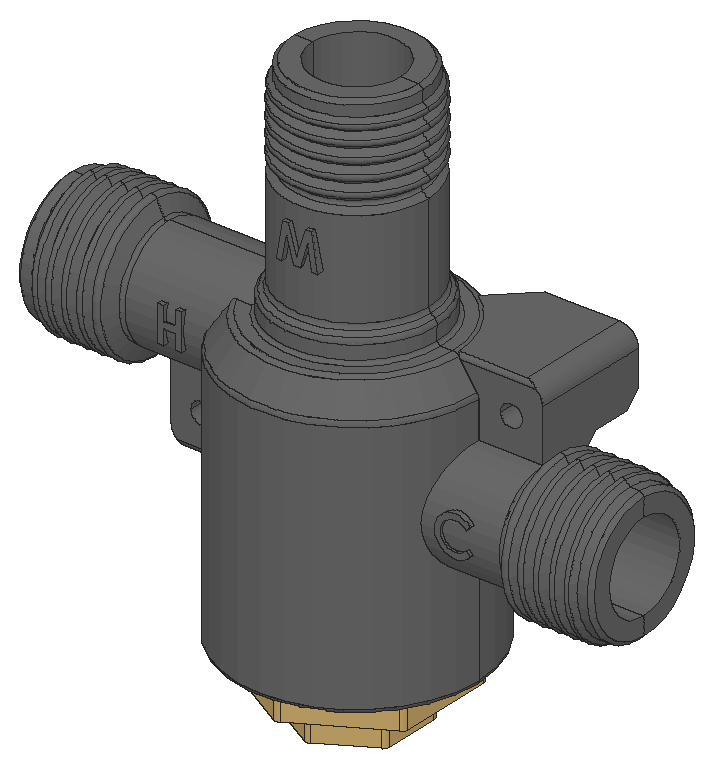
Revit family "Thermostatic_Mixing_Valve-Lead_Free-MGI_Controls-Alpha-STP7069-12S_Series", category Pipe Accessories, Revit 2019
Family settings
  Round Connector Dimension = Use Diameter
  Part Type = Valve - Breaks Into
  OmniClass Number = 23.65.55.14
  OmniClass Title = Valves for Liquid Services
  Work Plane-Based = Yes
  Always vertical = No
  Cut with Voids When Loaded = No
  Shared = Yes
Parameters (values of type "STP7069-12S- 5.2LPM")
  Width = 3 1/4"
  Warranty Information = ""
  URL = "https://www.mgicontrols.com"
  Tempered Water Connection Diameter = 1/2"
  Tempered Water Connection Description = "1/2” NPS Tempered Water Inlet"
  Tempered Water Connection = yes
  Temperature Range = "85°F-115°F (29°C-46°C)"
  Product Page URL = "https://www.mgicontrols.com/alpha-tempering-valve"
  Product Documentation Link = "https://www.mgicontrols.com/uploads/fileLibrary/STP7069.pdf"
  Price = "Prices may vary. Please consult Manufacturer Representative for most up-to-date price list."  # constant formula
  Pressure Drop PSID (kPa) = "60"
  Model = "STP7069-12S- 5.2LPM"
  Max. Working Pressure = "145 psi (1,000 kPa)"
  Material = "Plastic-Delta-Black"
  Manufacturer = "MGI Controls"
  Thermostatic Mixing Valve = yes
  Installation Instruction Link = "https://www.mgicontrols.com/uploads/fileLibrary/7802-125-001_online-%20STP7069.pdf"
  IAPMO Compliance = "IAPMO certified to ASSE 1070, ASSE 1069"
  Hot Water Connection Diameter = 1/2"
  Hot Water Connection Description = "1/2” HW NPS Inlet"
  Height = 3 3/8"
  HW Connection = yes
  Flow Rate = "5.2 LPM"
  Finish- Others = Brass-Delta-Satin
  Finish = Plastic-Delta-Black
  Dual-Function Thermostatic Cartridge Valve Type = yes
  Description = "Lead-Free Tempering Valve"  # constant formula
  Default Elevation = 0"
  Creation Date = "09/23/2024"
  Cold Water Connection Diameter = 1/2"
  Cold Water Connection Description = "1/2” CW NPS Inlet"
  CW Connection = yes
  Assembly Code = "D2090900"
Types (8): name | Pressure Drop PSID (kPa) | Model | Flow Rate
  STP7069-12S- 0.7LPM | "Cv" | "STP7069-12S- 0.7LPM" | "7 LPM"
  STP7069-12S- 1.5LPM | "5" | "STP7069-12S- 1.5LPM" | "1.5 LPM"
  STP7069-12S- 2.1LPM | "10" | "STP7069-12S- 2.1LPM" | "2.1 LPM"
  STP7069-12S- 2.6LPM | "15" | "STP7069-12S- 2.6LPM" | "2.6 LPM"
  STP7069-12S- 3LPM | "20" | "STP7069-12S- 3LPM" | "3 LPM"
  STP7069-12S- 3.7LPM | "30" | "STP7069-12S- 3.7LPM" | "3.7 LPM"
  STP7069-12S- 4.5LPM | "45" | "STP7069-12S- 4.5LPM" | "4.5 LPM"
  STP7069-12S- 5.2LPM | "60" | "STP7069-12S- 5.2LPM" | "5.2 LPM"
Reference planes (in)
  plane 1 "Center (Front/Back)": y = 0
  plane 2: z = 0
  plane 3 "Center (Left/Right)": x = 0
  plane 4: z = 1.5
  plane 5: z = -1.875
  plane 6: x = -1.625
  plane 7: x = 1.625
  plane 8: x = -0.25
  plane 9: x = 0.25
  plane 10: z = 0.25
  plane 11: z = -0.25
  plane 12: z = -0.5
  plane 13: z = -1.60446
  plane 14: z = -1.80584
  plane 15: x = 0.29174
  plane 16: x = -0.29174
  plane 17: y = -0.32376
  plane 18: y = -0.22368
  plane 19: x = 0.875
  plane 20: x = -0.875
  plane 21: x = 0.6875
  plane 22: x = -0.6875
Forms (in)
  Revolve 1, solid, material "Plastic-Delta-Black" <- "Finish"
    sketch origin (0, 0, 0) x (1, 0, 0) y (0, 0, 1)
      loop
        line (-0.25, 0.93154) -> (-0.25, 1.5) -> (-0.35134, 1.5) -> (-0.37402, 1.47733) -> (-0.37402, 1.41762) -> (-0.39956, 1.39207)
        arc (-0.39956, 1.39207) -> (-0.40472, 1.3779) -> (-0.39718, 1.36483) r 0.01785
        line (-0.39718, 1.36483) -> (-0.36503, 1.34232) -> (-0.40249, 1.3132)
        arc (-0.40249, 1.3132) -> (-0.40972, 1.29843) -> (-0.40249, 1.28365) r 0.01872
        line (-0.40249, 1.28365) -> (-0.36503, 1.25453) -> (-0.40249, 1.22541)
        arc (-0.40249, 1.22541) -> (-0.40972, 1.21063) -> (-0.40249, 1.19586) r 0.01872
        line (-0.40249, 1.19586) -> (-0.36503, 1.16674) -> (-0.40249, 1.13762)
        arc (-0.40249, 1.13762) -> (-0.40972, 1.12284) -> (-0.40249, 1.10806) r 0.01872
        line (-0.40249, 1.10806) -> (-0.36503, 1.07895) -> (-0.40249, 1.04983)
        arc (-0.40249, 1.04983) -> (-0.40972, 1.03505) -> (-0.40249, 1.02027) r 0.01872
        line (-0.40249, 1.02027) -> (-0.3678, 0.99331)
        arc (-0.3678, 0.99331) -> (-0.36039, 0.97817) -> (-0.3678, 0.96303) r 0.01917
        line (-0.3678, 0.96303) -> (-0.40495, 0.93415) -> (-0.40495, 0.38994)
        arc (-0.40495, 0.38994) -> (-0.40815, 0.37386) -> (-0.41726, 0.36022) r 0.04203
        line (-0.41726, 0.36022) -> (-0.44053, 0.33695)
        arc (-0.44053, 0.33695) -> (-0.44993, 0.3229) -> (-0.45322, 0.30632) r 0.04332
        line (-0.45322, 0.30632) -> (-0.45322, 0.23161)
        arc (-0.45322, 0.23161) -> (-0.45915, 0.21729) -> (-0.47346, 0.21136) r 0.02024
        line (-0.47346, 0.21136) -> (-0.54498, 0.21136)
        arc (-0.54498, 0.21136) -> (-0.56169, 0.20728) -> (-0.57463, 0.19593) r 0.03619
        line (-0.57463, 0.19593) -> (-0.67778, 0.04861)
        arc (-0.67778, 0.04861) -> (-0.68501, 0.03395) -> (-0.6875, 0.01779) r 0.05373
        line (-0.6875, 0.01779) -> (-0.6875, -1.40962)
        arc (-0.6875, -1.40962) -> (-0.68121, -1.42481) -> (-0.66602, -1.4311) r 0.02148
        line (-0.66602, -1.4311) -> (0, -1.4311) -> (0, 0.93154) -> (-0.25, 0.93154)
      loop
        line (-0.08821, -1.875) -> (0, -1.875) -> (0, -1.69254) -> (-0.07922, -1.69254) -> (-0.07922, -1.79971) -> (-0.11137, -1.82222)
        arc (-0.11137, -1.82222) -> (-0.11892, -1.83528) -> (-0.11376, -1.84945) r 0.01785
        line (-0.11376, -1.84945) -> (-0.08821, -1.875)
      axis (0, 1.5) -> (0, -1.875)
    angle from 0 to 360
  Revolve 2, solid, material "Plastic-Delta-Black" <- "Finish"
    sketch origin (0, 0, 0) x (0, 0, -1) y (1, 0, 0)
      loop
        line (0.25, -1.05654) -> (0.25, -1.625) -> (0.35134, -1.625) -> (0.37402, -1.60233) -> (0.37402, -1.54262) -> (0.39956, -1.51707)
        arc (0.39956, -1.51707) -> (0.40472, -1.5029) -> (0.39718, -1.48983) r 0.01785
        line (0.39718, -1.48983) -> (0.36503, -1.46732) -> (0.40249, -1.4382)
        arc (0.40249, -1.4382) -> (0.40972, -1.42343) -> (0.40249, -1.40865) r 0.01872
        line (0.40249, -1.40865) -> (0.36503, -1.37953) -> (0.40249, -1.35041)
        arc (0.40249, -1.35041) -> (0.40972, -1.33563) -> (0.40249, -1.32086) r 0.01872
        line (0.40249, -1.32086) -> (0.36503, -1.29174) -> (0.40249, -1.26262)
        arc (0.40249, -1.26262) -> (0.40972, -1.24784) -> (0.40249, -1.23306) r 0.01872
        line (0.40249, -1.23306) -> (0.36503, -1.20395) -> (0.39872, -1.17776)
        arc (0.39872, -1.17776) -> (0.40849, -1.15484) -> (0.39422, -1.13443) r 0.02567
        line (0.39422, -1.13443) -> (0.31328, -1.09495)
        arc (0.31328, -1.09495) -> (0.30042, -1.07711) -> (0.3131, -1.05915) r 0.01893
        line (0.3131, -1.05915) -> (0.3131, 0) -> (0, 0) -> (0, -1.05654) -> (0.25, -1.05654)
      axis (0, 0) -> (0, -1.625)
    angle from 0 to 360
  Revolve 3, solid, material "Plastic-Delta-Black" <- "Finish"
    sketch origin (0, 0, -0.5) x (0, 0, -1) y (1, 0, 0)
      loop
        line (0.25, 1.05654) -> (0, 1.05654) -> (0, 0) -> (0.3131, 0) -> (0.3131, 1.05915)
        arc (0.3131, 1.05915) -> (0.30042, 1.07711) -> (0.31328, 1.09495) r 0.01893
        line (0.31328, 1.09495) -> (0.39422, 1.13443)
        arc (0.39422, 1.13443) -> (0.40849, 1.15484) -> (0.39872, 1.17776) r 0.02567
        line (0.39872, 1.17776) -> (0.36503, 1.20395) -> (0.40249, 1.23306)
        arc (0.40249, 1.23306) -> (0.40972, 1.24784) -> (0.40249, 1.26262) r 0.01872
        line (0.40249, 1.26262) -> (0.36503, 1.29174) -> (0.40249, 1.32086)
        arc (0.40249, 1.32086) -> (0.40972, 1.33563) -> (0.40249, 1.35041) r 0.01872
        line (0.40249, 1.35041) -> (0.36503, 1.37953) -> (0.40249, 1.40865)
        arc (0.40249, 1.40865) -> (0.40972, 1.42343) -> (0.40249, 1.4382) r 0.01872
        line (0.40249, 1.4382) -> (0.36503, 1.46732) -> (0.39718, 1.48983)
        arc (0.39718, 1.48983) -> (0.40472, 1.5029) -> (0.39956, 1.51707) r 0.01785
        line (0.39956, 1.51707) -> (0.37402, 1.54262) -> (0.37402, 1.60233) -> (0.35134, 1.625) -> (0.25, 1.625) -> (0.25, 1.05654)
      axis (0, 0) -> (0, 1.625)
    angle from 0 to 360
  Extrusion 4, solid, material "Brass-Delta-Satin" <- "Finish- Others"
    sketch origin (0, 0, 0) x (1, 0, 0) y (0, 1, 0)
      loop
        line (0.48391, 0.29797) -> (0, 0.57735) -> (-0.48436, 0.2977)
        arc (-0.48436, 0.2977) -> (-0.49581, 0.28626) -> (-0.5, 0.27062) r 0.03127
        line (-0.5, 0.27062) -> (-0.5, -0.27003)
        arc (-0.5, -0.27003) -> (-0.49567, -0.28618) -> (-0.48386, -0.298) r 0.03229
        line (-0.48386, -0.298) -> (-0.02064, -0.56544)
        arc (-0.02064, -0.56544) -> (0, -0.57096) -> (0.02064, -0.56544) r 0.04128
        line (0.02064, -0.56544) -> (0.48124, -0.2995)
        arc (0.48124, -0.2995) -> (0.49497, -0.28577) -> (0.5, -0.26702) r 0.03751
        line (0.5, -0.26702) -> (0.5, 0.27009)
        arc (0.5, 0.27009) -> (0.49569, 0.28619) -> (0.48391, 0.29797) r 0.03218
    from -1.60446 to -1.4311
  Extrusion 5, solid, material "Brass-Delta-Satin" <- "Finish- Others"
    sketch origin (0, 0, 0) x (1, 0, 0) y (0, 1, 0)
      loop
        line (0.29208, 0.19058) -> (0.01594, 0.35002)
        arc (0.01594, 0.35002) -> (0, 0.35429) -> (-0.01594, 0.35002) r 0.03187
        line (-0.01594, 0.35002) -> (-0.29515, 0.18881)
        arc (-0.29515, 0.18881) -> (-0.30682, 0.17714) -> (-0.31109, 0.1612) r 0.03189
        line (-0.31109, 0.1612) -> (-0.31109, -0.16094)
        arc (-0.31109, -0.16094) -> (-0.30676, -0.17711) -> (-0.29492, -0.18894) r 0.03234
        line (-0.29492, -0.18894) -> (-0.01898, -0.34826)
        arc (-0.01898, -0.34826) -> (0, -0.35334) -> (0.01898, -0.34826) r 0.03795
        line (0.01898, -0.34826) -> (0.29216, -0.19054)
        arc (0.29216, -0.19054) -> (0.30602, -0.17668) -> (0.31109, -0.15775) r 0.03786
        line (0.31109, -0.15775) -> (0.31109, 0.15766)
        arc (0.31109, 0.15766) -> (0.306, 0.17667) -> (0.29208, 0.19058) r 0.03801
    from -1.80584 to -1.4311
  Extrusion 6, solid, material "Plastic-Delta-Black" <- "Finish"
    sketch origin (0, 0, 0) x (0, 1, 0) y (0, 0, 1)
      loop
        line (0, -0.27773) -> (0.2721, -0.27773) -> (0.37641, -0.17342) -> (0.59636, -0.17342) -> (0.67363, -0.09615) -> (0.67363, 0.20889) -> (0.02625, 0.20889)
        arc (0.02625, 0.20889) -> (0.00769, 0.2012) -> (0, 0.18264) r 0.02625
        line (0, 0.18264) -> (0, -0.27773)
    from 0 to 1.0504
  Extrusion 7, void
    sketch origin (0, 0, 0) x (1, 0, 0) y (0, 0, 1)
      loop
        arc (0.94767, 0.20889) -> (1.02031, 0.1788) -> (1.0504, 0.10616) r 0.10273
        line (1.0504, 0.10616) -> (1.0504, -0.03269) -> (1.12031, -0.03269) -> (1.12031, 0.36069) -> (0.62031, 0.36069) -> (0.62031, 0.20889) -> (0.94767, 0.20889)
      loop
        circle (0.875, 0) r 0.0625
    from -0.67363 to 0
  Extrusion 8, void
    sketch origin (0, 0, -1.875) x (0, 1, 0) y (-1, 0, 0)
      loop
        line (0.67363, 0) -> (0.14843, 0) -> (0.67363, -0.5252) -> (0.67363, 0)
    from 1.70158 to 2.08389
  Extrusion 9, solid, material "Plastic-Delta-Black" <- "Finish"
    sketch origin (0, 0, 0.05078) x (1, 0, 0) y (0, 0, 1)
      loop
        line (-0.73382, 0.05078) -> (-0.76712, 0.05078) -> (-0.76712, -0.03211) -> (-0.83288, -0.03211) -> (-0.83288, 0.05078) -> (-0.86618, 0.05078) -> (-0.86618, -0.15272) -> (-0.83288, -0.15272) -> (-0.83288, -0.06982) -> (-0.76712, -0.06982) -> (-0.76712, -0.15272) -> (-0.73382, -0.15272) -> (-0.73382, 0.05078)
    from 0.26943 to 0.32259
  Extrusion 10, solid, material "Plastic-Delta-Black" <- "Finish"
    sketch origin (1.61746, 0, -0.41752) x (1, 0, 0) y (0, 0, 1)
      loop
        arc (-0.71647, 0.00177) -> (-0.91894, -0.07513) -> (-0.71384, -0.14471) r 0.11507
        line (-0.71384, -0.14471) -> (-0.737, -0.12155)
        arc (-0.737, -0.12155) -> (-0.88648, -0.07514) -> (-0.73952, -0.02127) r 0.08261
        line (-0.73952, -0.02127) -> (-0.71647, 0.00177)
    from 0.26943 to 0.32259
  Extrusion 11, solid, material "Plastic-Delta-Black" <- "Finish"
    sketch origin (0.80116, 0, 0.78946) x (1, 0, 0) y (0, 0, 1)
      loop
        line (-0.91822, -0.15272) -> (-0.88572, -0.15272) -> (-0.86172, -0.01663) -> (-0.82012, -0.15272) -> (-0.78221, -0.15272) -> (-0.7406, -0.01663) -> (-0.7166, -0.15272) -> (-0.6841, -0.15272) -> (-0.71999, 0.05078) -> (-0.75381, 0.05078) -> (-0.80116, -0.10408) -> (-0.84851, 0.05078) -> (-0.88233, 0.05078) -> (-0.91822, -0.15272)
    from 0.26943 to 0.42301
  Extrusion 12, solid, material "Plastic-Delta-Black" <- "Finish"
    sketch origin (0, 0, -0.875) x (0, 1, 0) y (0, 0, -1)
      loop
        line (0, -0.70158) -> (0.21466, -0.70158) -> (0.37641, -0.48592) -> (0.59636, -0.48592) -> (0.67363, -0.40865) -> (0.67363, -0.06465) -> (0.02625, -0.06465)
        arc (0.02625, -0.06465) -> (0.00769, -0.07234) -> (0, -0.0909) r 0.02625
        line (0, -0.0909) -> (0, -0.70158)
    from 0 to 1.0504
  Extrusion 13, void
    sketch origin (0, 0, -0.63271) x (-1, 0, 0) y (0, 0, -1)
      loop
        arc (0.94767, 0.17764) -> (1.02031, 0.14755) -> (1.0504, 0.07491) r 0.10273
        line (1.0504, 0.07491) -> (1.0504, -0.06394) -> (1.12031, -0.06394) -> (1.12031, 0.32944) -> (0.73382, 0.32944) -> (0.73382, 0.17764) -> (0.94767, 0.17764)
      loop
        circle (0.875, -0.03125) r 0.0625
    from -0.67363 to 0
  Extrusion 14, void
    sketch origin (0, 0, -1.875) x (0, -1, 0) y (1, 0, 0)
      loop
        line (-0.67363, 0) -> (-0.67363, -0.5252) -> (-0.14843, 0) -> (-0.67363, 0)
    from 1.06465 to 1.77306
Cuts and joins
  Extrusion 13 cuts Revolve 1
  Extrusion 13 cuts Revolve 2
  Extrusion 13 cuts Revolve 3
  Extrusion 13 cuts Extrusion 9
  Extrusion 13 cuts Extrusion 10
  Extrusion 13 cuts Extrusion 11
  joined: Revolve 1, Revolve 2, Revolve 3, Extrusion 9, Extrusion 10, Extrusion 11
  Extrusion 7, Extrusion 8 cuts Extrusion 6
  Extrusion 13, Extrusion 14 cuts Extrusion 12
Lines and regions (in)
  Masking region 1
    outline origin (0, 0, 0) x (1, 0, 0) y (0, 1, 0)
      loop
        line (-0.5252, 0.67363) -> (-1.0504, 0.67363) -> (-1.0504, 0.31315) -> (-1.09489, 0.31315) -> (-1.13501, 0.39542)
        arc (-1.13501, 0.39542) -> (-1.15468, 0.40919) -> (-1.17678, 0.39981) r 0.02476
        line (-1.17678, 0.39981) -> (-1.20395, 0.36503) -> (-1.23358, 0.40295)
        arc (-1.23358, 0.40295) -> (-1.24784, 0.40991) -> (-1.26211, 0.40295) r 0.0181
        line (-1.26211, 0.40295) -> (-1.29174, 0.36503) -> (-1.32106, 0.40256)
        arc (-1.32106, 0.40256) -> (-1.33563, 0.40967) -> (-1.3502, 0.40256) r 0.01849
        line (-1.3502, 0.40256) -> (-1.37953, 0.36503) -> (-1.40892, 0.40265)
        arc (-1.40892, 0.40265) -> (-1.42343, 0.40972) -> (-1.43793, 0.40265) r 0.01841
        line (-1.43793, 0.40265) -> (-1.46732, 0.36503) -> (-1.48961, 0.39685)
        arc (-1.48961, 0.39685) -> (-1.50291, 0.40454) -> (-1.51735, 0.39928) r 0.01818
        line (-1.51735, 0.39928) -> (-1.54262, 0.37402) -> (-1.60233, 0.37402) -> (-1.625, 0.35134) -> (-1.625, 0) -> (-1.625, -0.35134) -> (-1.60233, -0.37402) -> (-1.54262, -0.37402) -> (-1.51735, -0.39928)
        arc (-1.51735, -0.39928) -> (-1.50291, -0.40454) -> (-1.48961, -0.39685) r 0.01818
        line (-1.48961, -0.39685) -> (-1.46732, -0.36503) -> (-1.43793, -0.40265)
        arc (-1.43793, -0.40265) -> (-1.42343, -0.40972) -> (-1.40892, -0.40265) r 0.01841
        line (-1.40892, -0.40265) -> (-1.37953, -0.36503) -> (-1.3502, -0.40256)
        arc (-1.3502, -0.40256) -> (-1.33563, -0.40967) -> (-1.32106, -0.40256) r 0.01849
        line (-1.32106, -0.40256) -> (-1.29174, -0.36503) -> (-1.26211, -0.40295)
        arc (-1.26211, -0.40295) -> (-1.24784, -0.40991) -> (-1.23358, -0.40295) r 0.0181
        line (-1.23358, -0.40295) -> (-1.20395, -0.36503) -> (-1.17678, -0.39981)
        arc (-1.17678, -0.39981) -> (-1.15468, -0.40919) -> (-1.13501, -0.39542) r 0.02476
        line (-1.13501, -0.39542) -> (-1.09489, -0.31315) -> (-0.61192, -0.31315)
        arc (-0.61192, -0.31315) -> (0, -0.68739) -> (0.61192, -0.31315) r 0.68739
        line (0.61192, -0.31315) -> (1.09489, -0.31315) -> (1.13501, -0.39542)
        arc (1.13501, -0.39542) -> (1.15468, -0.40919) -> (1.17678, -0.39981) r 0.02476
        line (1.17678, -0.39981) -> (1.20395, -0.36503) -> (1.23358, -0.40295)
        arc (1.23358, -0.40295) -> (1.24784, -0.40991) -> (1.26211, -0.40295) r 0.0181
        line (1.26211, -0.40295) -> (1.29174, -0.36503) -> (1.32106, -0.40256)
        arc (1.32106, -0.40256) -> (1.33563, -0.40967) -> (1.3502, -0.40256) r 0.01849
        line (1.3502, -0.40256) -> (1.37953, -0.36503) -> (1.40892, -0.40265)
        arc (1.40892, -0.40265) -> (1.42343, -0.40972) -> (1.43793, -0.40265) r 0.01841
        line (1.43793, -0.40265) -> (1.46732, -0.36503) -> (1.48961, -0.39685)
        arc (1.48961, -0.39685) -> (1.50291, -0.40454) -> (1.51735, -0.39928) r 0.01818
        line (1.51735, -0.39928) -> (1.54262, -0.37402) -> (1.60233, -0.37402) -> (1.625, -0.35134) -> (1.625, 0) -> (1.625, 0.35134) -> (1.60233, 0.37402) -> (1.54262, 0.37402) -> (1.51735, 0.39928)
        arc (1.51735, 0.39928) -> (1.50291, 0.40454) -> (1.48961, 0.39685) r 0.01818
        line (1.48961, 0.39685) -> (1.46732, 0.36503) -> (1.43793, 0.40265)
        arc (1.43793, 0.40265) -> (1.42343, 0.40972) -> (1.40892, 0.40265) r 0.01841
        line (1.40892, 0.40265) -> (1.37953, 0.36503) -> (1.3502, 0.40256)
        arc (1.3502, 0.40256) -> (1.33563, 0.40967) -> (1.32106, 0.40256) r 0.01849
        line (1.32106, 0.40256) -> (1.29174, 0.36503) -> (1.26211, 0.40295)
        arc (1.26211, 0.40295) -> (1.24784, 0.40991) -> (1.23358, 0.40295) r 0.0181
        line (1.23358, 0.40295) -> (1.20395, 0.36503) -> (1.17678, 0.39981)
        arc (1.17678, 0.39981) -> (1.15468, 0.40919) -> (1.13501, 0.39542) r 0.02476
        line (1.13501, 0.39542) -> (1.09489, 0.31315) -> (1.0504, 0.31315) -> (1.0504, 0.67363) -> (0.5252, 0.67363) -> (0.40615, 0.55458)
        arc (0.40615, 0.55458) -> (0, 0.68739) -> (-0.40615, 0.55458) r 0.68739
        line (-0.40615, 0.55458) -> (-0.5252, 0.67363)
  symbolic lines, detail levels fine
    curve 1: circle (0, 0, 0) r 0.35134 normal (0, 0, 1)
    curve 2: arc (-0.38932, -0.23099, 0) -> (0.45269, 0, 0) -> (-0.38932, 0.23099, 0) r 0.45269
    curve 3: line (0.31626, 0.46469, 0) -> (0.5252, 0.67363, 0)
    curve 4: line (0.5621, 0, 0) -> (1.0504, 0, 0)
    curve 5: line (-1.05654, -0.3131, 0) -> (-1.05654, 0.3131, 0)
    curve 6: arc (-0.51244, -0.23099, 0) -> (0.5621, 0, 0) -> (-0.51244, 0.23099, 0) r 0.5621
    curve 7: line (-1.05654, 0.3131, 0) -> (-0.62443, 0.3131, 0)
    curve 8: line (-0.6273, -0.3131, 0) -> (-0.61329, -0.3131, 0)
    curve 9: spline (-0.51378, 0.23099, 0) -> (-0.51959, 0.24329, 0) -> (-0.52612, 0.25469, 0) -> (-0.53335, 0.26513, 0) -> (-0.54124, 0.27459, 0) -> (-0.54977, 0.28301, 0) -> (-0.55891, 0.29038, 0) -> (-0.56863, 0.29666, 0) -> (-0.57888, 0.30184, 0) -> (-0.58962, 0.30588, 0) -> (-0.60083, 0.30878, 0) -> (-0.61244, 0.31052, 0) -> (-0.62443, 0.3111, 0)
    curve 10: line (-0.38932, 0.23099, 0) -> (-0.51244, 0.23099, 0)
    curve 11: line (-0.51244, -0.23099, 0) -> (-0.38932, -0.23099, 0)
    curve 12: spline (-0.6273, -0.31144, 0) -> (-0.61467, -0.31085, 0) -> (-0.60248, -0.3091, 0) -> (-0.59077, -0.30618, 0) -> (-0.5796, -0.30212, 0) -> (-0.569, -0.29692, 0) -> (-0.55902, -0.29061, 0) -> (-0.54969, -0.2832, 0) -> (-0.54106, -0.27474, 0) -> (-0.53315, -0.26525, 0) -> (-0.526, -0.25476, 0) -> (-0.51963, -0.24333, 0) -> (-0.51406, -0.23099, 0)
    curve 13: line (-1.60233, 0.37402, 0) -> (-1.60233, -0.37402, 0)
    curve 14: line (-1.54262, 0.37402, 0) -> (-1.54262, -0.37402, 0)
    curve 15: line (-1.46732, 0.36503, 0) -> (-1.46732, -0.36503, 0)
    curve 16: line (-1.37953, 0.36503, 0) -> (-1.37953, -0.36503, 0)
    curve 17: line (-1.29174, 0.36503, 0) -> (-1.29174, -0.36503, 0)
    curve 18: line (-1.20395, 0.36503, 0) -> (-1.20395, -0.36503, 0)
    curve 19: line (-1.09495, 0.31328, 0) -> (-1.09495, -0.31328, 0)
    curve 20: line (1.20395, 0.36503, 0) -> (1.20395, -0.36503, 0)
    curve 21: line (1.29174, -0.36503, 0) -> (1.29174, 0.36503, 0)
    curve 22: line (1.37953, 0.36503, 0) -> (1.37953, -0.36503, 0)
    curve 23: line (1.46732, 0.36503, 0) -> (1.46732, -0.36503, 0)
    curve 24: line (1.54262, 0.37402, 0) -> (1.54262, -0.37402, 0)
    curve 25: line (1.60233, 0.37402, 0) -> (1.60233, -0.37402, 0)
    curve 26: line (1.0504, 0, 0) -> (1.0504, 0.31956, 0)
    curve 27: line (1.09489, 0.31315, 0) -> (1.09489, -0.31315, 0)
    curve 28: line (1.0504, 0, 0) -> (1.0504, -0.31315, 0)
Dimensions and locks (in)
  equal spacing: plane 7, plane 3 "Center (Left/Right)", plane 6
  "Width": plane 7 to plane 6
  equal spacing: plane 9, plane 3 "Center (Left/Right)", plane 8
  "Tempered Water Connection Diameter": plane 9 to plane 8
  equal spacing: plane 10, level, plane 11
  "Cold Water Connection Diameter": plane 10 to plane 11
  locked: plane 4 to plane 2 at 1.5
  "Height": plane 4 to plane 5
  locked: plane 2 to plane 12 at 0.5
  plane 19 to plane 3 "Center (Left/Right)" = 7/8"
  plane 3 "Center (Left/Right)" to plane 20 = 7/8"
  locked: plane 21 to plane 22 at 1.375
  equal spacing: plane 21, plane 3 "Center (Left/Right)", plane 22
  aligned and locked: Revolve 1 sketch curve to plane 3 "Center (Left/Right)"
  aligned and locked: Extrusion 4 to plane 13
  aligned and locked: Extrusion 5 to plane 14
  aligned and locked: Extrusion 6 to Extrusion 7 sketch curve  (x2)
  aligned and locked: Extrusion 6 to Extrusion 7
  aligned and locked: Extrusion 7 to Extrusion 6
  aligned and locked: Extrusion 8 to cut or joined group of Extrusion 6, Extrusion 7, Extrusion 8  (x2)
  aligned and locked: Extrusion 12 to Extrusion 13 sketch curve
  aligned and locked: Extrusion 12 to Extrusion 13
  aligned and locked: Extrusion 13 to Extrusion 12
  aligned and locked: Revolve 1 sketch curve to plane 5
  aligned and locked: Revolve 1 sketch curve to plane 22
  aligned and locked: Masking region 1 sketch curve to cut or joined group of Extrusion 12, Extrusion 13, Extrusion 14  (x3)
  aligned and locked: cut or joined group of Extrusion 6, Extrusion 7, Extrusion 8 to Masking region 1 sketch curve  (x2)
  aligned and locked: Masking region 1 sketch curve to cut or joined group of Extrusion 6, Extrusion 7, Extrusion 8
  aligned and locked: Masking region 1 sketch curve to cut or joined group of Revolve 1, Revolve 2, Revolve 3, Extrusion 9, Extrusion 10, Extrusion 11, Extrusion 13  (x4)
  aligned and locked: cut or joined group of Extrusion 6, Extrusion 7, Extrusion 8 to curve 3
  aligned and locked: cut or joined group of Extrusion 6, Extrusion 7, Extrusion 8 to curve 4
  aligned and locked: curve 5 to cut or joined group of Revolve 1, Revolve 2, Revolve 3, Extrusion 9, Extrusion 10, Extrusion 11, Extrusion 13
  aligned and locked: curve 10 to cut or joined group of Revolve 1, Revolve 2, Revolve 3, Extrusion 9, Extrusion 10, Extrusion 11, Extrusion 13
  aligned and locked: curve 11 to cut or joined group of Revolve 1, Revolve 2, Revolve 3, Extrusion 9, Extrusion 10, Extrusion 11, Extrusion 13
Automatic sketch dimensions
  Revolve 2 sketch curve to level = 0"  (x2)
  Revolve 2 sketch curve to plane 11 = 0"
  Revolve 2 sketch curve to plane 3 "Center (Left/Right)" = 0"
  Revolve 2 sketch curve to plane 6 = 0"
  plane 11 to Revolve 2 sketch curve = 0.0631"
  Revolve 2 sketch curve to Revolve 2 sketch curve = 0.00018"
  Revolve 2 sketch curve to Revolve 2 sketch curve = 0.00624"
  plane 11 to Revolve 2 sketch curve = 0.10134"
  plane 11 to Revolve 2 sketch curve = 0.11503"  (x2)
  Revolve 2 sketch curve to Revolve 2 sketch curve = 0"  (x2)
  Revolve 2 sketch curve to Revolve 2 sketch curve = 0.02267"
  Revolve 2 sketch curve to Revolve 2 sketch curve = 0.01794"
  Revolve 2 sketch curve to Revolve 2 sketch curve = 0.01293"
  Revolve 2 sketch curve to Revolve 2 sketch curve = 0.02597"  (x3)
  Revolve 2 sketch curve to Revolve 2 sketch curve = 0.01125"
  Revolve 2 sketch curve to Revolve 2 sketch curve = 0.01024"
  Revolve 2 sketch curve to Revolve 2 sketch curve = 0.01575"
  Revolve 2 sketch curve to Revolve 2 sketch curve = 0.01262"  (x2)
  Revolve 2 sketch curve to Revolve 2 sketch curve = 0.01149"  (x6)
  plane 6 to Revolve 2 sketch curve = 0.02267"
  Revolve 2 sketch curve to Revolve 2 sketch curve = 0.05971"
  Revolve 2 sketch curve to Revolve 2 sketch curve = 0.02555"
  Revolve 2 sketch curve to Revolve 2 sketch curve = 0.02251"
  Revolve 2 sketch curve to Revolve 2 sketch curve = 0.02912"  (x6)
  Revolve 2 sketch curve to Revolve 2 sketch curve = 0.01478"  (x3)
  Revolve 2 sketch curve to Revolve 2 sketch curve = 0.02619"
  Revolve 2 sketch curve to Revolve 2 sketch curve = 0.02026"
  Revolve 2 sketch curve to Revolve 2 sketch curve = 0.03948"
  Revolve 2 sketch curve to Revolve 2 sketch curve = 0.01793"
  plane 20 to Revolve 2 sketch curve = 0.18154"
  Revolve 2 sketch curve to plane 6 = 0.16432"
  Revolve 2 sketch curve to Revolve 2 sketch curve = 0.18702"
  Revolve 3 sketch curve to plane 12 = 0"  (x2)
  plane 7 to Revolve 3 sketch curve = 0"
  Revolve 3 sketch curve to plane 3 "Center (Left/Right)" = 0"
  Revolve 3 sketch curve to Revolve 3 sketch curve = 1/4"
  Revolve 3 sketch curve to Revolve 3 sketch curve = 0.3131"
  Revolve 3 sketch curve to Revolve 3 sketch curve = 0.00018"
  Revolve 3 sketch curve to Revolve 3 sketch curve = 0.00607"
  Revolve 3 sketch curve to Revolve 3 sketch curve = 0.10134"
  plane 7 to Revolve 3 sketch curve = 0.15768"
  Revolve 3 sketch curve to Revolve 3 sketch curve = 0.01369"
  Revolve 3 sketch curve to Revolve 3 sketch curve = 0"  (x3)
  Revolve 3 sketch curve to Revolve 3 sketch curve = 0.02267"
  Revolve 3 sketch curve to Revolve 3 sketch curve = 0.01794"
  Revolve 3 sketch curve to Revolve 3 sketch curve = 0.01293"
  Revolve 3 sketch curve to Revolve 3 sketch curve = 0.02597"  (x3)
  Revolve 3 sketch curve to plane 19 = 0.25943"
  Revolve 3 sketch curve to Revolve 3 sketch curve = 0.01125"
  plane 7 to Revolve 3 sketch curve = 0.13517"
  Revolve 3 sketch curve to Revolve 3 sketch curve = 0.01024"
  Revolve 3 sketch curve to plane 19 = 0.30276"
  Revolve 3 sketch curve to Revolve 3 sketch curve = 0.01575"
  plane 7 to Revolve 3 sketch curve = 0.10793"
  Revolve 3 sketch curve to Revolve 3 sketch curve = 0.01262"
  Revolve 3 sketch curve to Revolve 3 sketch curve = 0.01149"  (x6)
  plane 7 to Revolve 3 sketch curve = 0.27459"
  plane 7 to Revolve 3 sketch curve = 0.1868"
  Revolve 3 sketch curve to Revolve 3 sketch curve = 0.07789"
  Revolve 3 sketch curve to Revolve 3 sketch curve = 0.00261"
  Revolve 3 sketch curve to Revolve 3 sketch curve = 0.01787"
  Revolve 3 sketch curve to Revolve 3 sketch curve = 0.02619"
  Revolve 3 sketch curve to Revolve 3 sketch curve = 0.02912"  (x3)
  Revolve 3 sketch curve to Revolve 3 sketch curve = 0.01478"
  Revolve 3 sketch curve to Revolve 3 sketch curve = 0.02955"  (x2)
  Revolve 3 sketch curve to Revolve 3 sketch curve = 0.02555"
  plane 7 to Revolve 3 sketch curve = 0.02267"
  Revolve 3 sketch curve to plane 7 = 0.16432"
  Revolve 3 sketch curve to Revolve 3 sketch curve = 0.18702"
  Extrusion 6 sketch curve to plane 1 "Center (Front/Back)" = 0"
  Extrusion 6 sketch curve to Extrusion 6 sketch curve = 0.02625"
  plane 11 to Extrusion 6 sketch curve = 0.02773"
  Extrusion 6 sketch curve to Extrusion 6 sketch curve = 0.2721"
  Extrusion 6 sketch curve to plane 11 = 0.07658"
  Extrusion 6 sketch curve to Extrusion 6 sketch curve = 0.10431"
  Extrusion 6 sketch curve to Extrusion 6 sketch curve = 0.21996"
  plane 10 to Extrusion 6 sketch curve = 0.04111"
  Extrusion 6 sketch curve to Extrusion 6 sketch curve = 0.07727"
  Extrusion 6 sketch curve to level = 0.09615"
  Extrusion 7 sketch curve to level = 0"
  plane 19 to Extrusion 7 sketch curve = 0"
  plane 19 to Extrusion 7 sketch curve = 0.25469"
  Extrusion 7 sketch curve to plane 19 = 0.07267"
  Extrusion 7 sketch curve to level = 0.03269"
  Extrusion 7 sketch curve to Extrusion 7 sketch curve = 0.06991"
  Extrusion 7 sketch curve to plane 10 = 0.11069"
  Extrusion 8 sketch curve to plane 3 "Center (Left/Right)" = 0"
  Extrusion 8 sketch curve to plane 1 "Center (Front/Back)" = 19/128"
  plane 15 to Extrusion 8 sketch curve = 0.23346"
  Extrusion 8 sketch curve to plane 1 "Center (Front/Back)" = 0.67363"
  Extrusion 9 sketch curve to plane 20 = 0.00882"
  Extrusion 9 sketch curve to Extrusion 9 sketch curve = 0.0333"  (x2)
  Extrusion 9 sketch curve to Extrusion 9 sketch curve = 0"  (x2)
  Extrusion 9 sketch curve to level = 0.01904"
  Extrusion 9 sketch curve to Extrusion 9 sketch curve = 0.06576"  (x2)
  Extrusion 9 sketch curve to Extrusion 9 sketch curve = 0.0829"  (x3)
  level to Extrusion 9 sketch curve = 0.01867"
  Extrusion 10 sketch curve to Extrusion 10 sketch curve = 0"  (x2)
  plane 12 to Extrusion 10 sketch curve = 0.00942"
  plane 19 to Extrusion 10 sketch curve = 0.06143"
  Extrusion 10 sketch curve to plane 19 = 0.00294"
  Extrusion 10 sketch curve to plane 19 = 0.00546"
  Extrusion 10 sketch curve to plane 19 = 0.02599"
  Extrusion 10 sketch curve to plane 19 = 0.02862"
  Extrusion 10 sketch curve to plane 12 = 5/128"
  Extrusion 10 sketch curve to Extrusion 10 sketch curve = 0.02316"
  Extrusion 11 sketch curve to plane 3 "Center (Left/Right)" = 0"
  Extrusion 11 sketch curve to plane 3 "Center (Left/Right)" = 0.01896"
  Extrusion 11 sketch curve to plane 3 "Center (Left/Right)" = 0.04735"
  Extrusion 11 sketch curve to plane 3 "Center (Left/Right)" = 0.06056"
  Extrusion 11 sketch curve to Extrusion 11 sketch curve = 0.03383"  (x2)
  Extrusion 11 sketch curve to Extrusion 11 sketch curve = 0.0656"  (x2)
  Extrusion 11 sketch curve to Extrusion 11 sketch curve = 0.0325"  (x2)
  plane 3 "Center (Left/Right)" to Extrusion 11 sketch curve = 0.01896"
  plane 3 "Center (Left/Right)" to Extrusion 11 sketch curve = 0.04735"
  plane 3 "Center (Left/Right)" to Extrusion 11 sketch curve = 0.06056"
  Extrusion 11 sketch curve to plane 10 = 99/256"
  Extrusion 11 sketch curve to Extrusion 11 sketch curve = 0"  (x2)
  Extrusion 11 sketch curve to Extrusion 11 sketch curve = 0.04864"
  Extrusion 11 sketch curve to Extrusion 11 sketch curve = 0.08745"  (x2)
  Extrusion 11 sketch curve to Extrusion 11 sketch curve = 0.06742"  (x2)
  Extrusion 12 sketch curve to plane 1 "Center (Front/Back)" = 0"
  Extrusion 12 sketch curve to plane 1 "Center (Front/Back)" = 0.02625"
  Extrusion 12 sketch curve to plane 11 = 0.07658"
  Extrusion 12 sketch curve to Extrusion 12 sketch curve = 0.21466"
  plane 12 to Extrusion 12 sketch curve = 0.11092"
  Extrusion 12 sketch curve to Extrusion 12 sketch curve = 0.16175"
  Extrusion 12 sketch curve to Extrusion 12 sketch curve = 0.21996"
  Extrusion 12 sketch curve to Extrusion 12 sketch curve = 0.07727"
  plane 12 to Extrusion 12 sketch curve = 0.03365"
  Extrusion 12 sketch curve to plane 12 = 0.2841"
  plane 20 to Extrusion 13 sketch curve = 0"
  Extrusion 13 sketch curve to plane 20 = 0.14118"
  plane 20 to Extrusion 13 sketch curve = 0.07267"
  Extrusion 13 sketch curve to Extrusion 13 sketch curve = 0.06991"
  Extrusion 13 sketch curve to plane 12 = 0.06877"
  Extrusion 13 sketch curve to plane 12 = 0.10146"
  Extrusion 13 sketch curve to Extrusion 13 sketch curve = 0.13885"
  Extrusion 13 sketch curve to Extrusion 13 sketch curve = 0.1518"
  Extrusion 14 sketch curve to plane 3 "Center (Left/Right)" = 0"
  plane 16 to Extrusion 14 sketch curve = 0.23346"
  Extrusion 14 sketch curve to plane 1 "Center (Front/Back)" = 0.67363"
  Extrusion 14 sketch curve to Extrusion 14 sketch curve = 0.5252"
  Revolve 1 sketch curve to plane 4 = 0"
  Revolve 1 sketch curve to plane 8 = 0"
  Revolve 1 sketch curve to plane 3 "Center (Left/Right)" = 0"  (x2)
  plane 16 to Revolve 1 sketch curve = 0.0596"
  plane 16 to Revolve 1 sketch curve = 0.07329"  (x4)
  plane 16 to Revolve 1 sketch curve = 0.07606"
  Revolve 1 sketch curve to Revolve 1 sketch curve = 0"
  Revolve 1 sketch curve to Revolve 1 sketch curve = 0.00899"
  Revolve 1 sketch curve to Revolve 1 sketch curve = 0.01177"
  Revolve 1 sketch curve to Revolve 1 sketch curve = 0.01293"
  Revolve 1 sketch curve to Revolve 1 sketch curve = 0.0232"
  Revolve 1 sketch curve to Revolve 1 sketch curve = 0.02597"  (x3)
  Revolve 1 sketch curve to Revolve 1 sketch curve = 0.01024"
  Revolve 1 sketch curve to Revolve 1 sketch curve = 0.01262"  (x2)
  Revolve 1 sketch curve to Revolve 1 sketch curve = 0.01149"  (x8)
  Revolve 1 sketch curve to Revolve 1 sketch curve = 0.03716"
  Revolve 1 sketch curve to Revolve 1 sketch curve = 0.00495"
  Revolve 1 sketch curve to Revolve 1 sketch curve = 0.01231"
  Revolve 1 sketch curve to plane 10 = 0.08695"
  Revolve 1 sketch curve to Revolve 1 sketch curve = 0.02327"  (x2)
  Revolve 1 sketch curve to Revolve 1 sketch curve = 0.02972"
  Revolve 1 sketch curve to Revolve 1 sketch curve = 0.01269"
  Revolve 1 sketch curve to Revolve 1 sketch curve = 0.02024"
  Revolve 1 sketch curve to Revolve 1 sketch curve = 0.07152"
  plane 10 to Revolve 1 sketch curve = 0.05407"
  Revolve 1 sketch curve to Revolve 1 sketch curve = 0.02965"
  level to Revolve 1 sketch curve = 0.01779"
  Revolve 1 sketch curve to plane 20 = 0.20898"
  level to Revolve 1 sketch curve = 0.04861"
  Revolve 1 sketch curve to Revolve 1 sketch curve = 0.04401"
  plane 5 to Revolve 1 sketch curve = 0.02555"
  Revolve 1 sketch curve to plane 3 "Center (Left/Right)" = 0.11376"
  Revolve 1 sketch curve to plane 14 = 0.01638"
  Revolve 1 sketch curve to Revolve 1 sketch curve = 0.00238"
  Revolve 1 sketch curve to Revolve 1 sketch curve = 0.02555"  (x2)
  Revolve 1 sketch curve to plane 13 = 0.08809"
  plane 13 to Revolve 1 sketch curve = 0.17336"
  Revolve 1 sketch curve to Revolve 1 sketch curve = 0.02076"
  plane 4 to Revolve 1 sketch curve = 0.56846"
  Revolve 1 sketch curve to Revolve 1 sketch curve = 0.00261"
  Revolve 1 sketch curve to Revolve 1 sketch curve = 0.02888"
  Revolve 1 sketch curve to Revolve 1 sketch curve = 0.01514"
  Revolve 1 sketch curve to Revolve 1 sketch curve = 0.02697"
  Revolve 1 sketch curve to Revolve 1 sketch curve = 0.01478"  (x4)
  Revolve 1 sketch curve to Revolve 1 sketch curve = 0.02912"  (x7)
  Revolve 1 sketch curve to Revolve 1 sketch curve = 0.02251"
  Revolve 1 sketch curve to Revolve 1 sketch curve = 0.01462"
  plane 4 to Revolve 1 sketch curve = 0.02267"
  Revolve 1 sketch curve to Revolve 1 sketch curve = 0.07922"
  plane 14 to Revolve 1 sketch curve = 0.00613"
  plane 4 to Revolve 1 sketch curve = 0.11554"
  plane 4 to Revolve 1 sketch curve = 0.02888"
  Extrusion 5 sketch curve to plane 3 "Center (Left/Right)" = 0"  (x2)
  Extrusion 5 sketch curve to plane 3 "Center (Left/Right)" = 0.01594"
  Extrusion 5 sketch curve to plane 3 "Center (Left/Right)" = 0.01898"
  Extrusion 5 sketch curve to plane 16 = 0.01299"
  Extrusion 5 sketch curve to plane 16 = 0.01253"
  plane 16 to Extrusion 5 sketch curve = 0.00318"
  plane 16 to Extrusion 5 sketch curve = 0.00341"
  plane 16 to Extrusion 5 sketch curve = 0.01935"
  plane 3 "Center (Left/Right)" to Extrusion 5 sketch curve = 0.01594"
  plane 3 "Center (Left/Right)" to Extrusion 5 sketch curve = 0.01898"
  Extrusion 5 sketch curve to plane 15 = 0.01866"
  Extrusion 5 sketch curve to plane 15 = 0.01851"
  plane 15 to Extrusion 5 sketch curve = 0.00035"
  plane 15 to Extrusion 5 sketch curve = 0.00042"
  plane 15 to Extrusion 5 sketch curve = 0.01935"
  Extrusion 5 sketch curve to plane 17 = 0.0245"
  plane 17 to Extrusion 5 sketch curve = 0.00837"
  Extrusion 5 sketch curve to plane 18 = 0.03314"
  Extrusion 5 sketch curve to plane 18 = 0.03473"
  Extrusion 5 sketch curve to plane 1 "Center (Front/Back)" = 0.15766"
  Extrusion 5 sketch curve to plane 1 "Center (Front/Back)" = 0.1612"
  Extrusion 5 sketch curve to Extrusion 5 sketch curve = 0.16475"
  Extrusion 5 sketch curve to Extrusion 5 sketch curve = 0.0276"
  Extrusion 4 sketch curve to plane 3 "Center (Left/Right)" = 0"  (x2)
  Extrusion 4 sketch curve to plane 3 "Center (Left/Right)" = 0.02064"
  plane 16 to Extrusion 4 sketch curve = 0.17597"
  plane 16 to Extrusion 4 sketch curve = 0.17699"
  plane 17 to Extrusion 4 sketch curve = 0.02576"
  Extrusion 4 sketch curve to Extrusion 4 sketch curve = 0.01614"
  Extrusion 4 sketch curve to Extrusion 4 sketch curve = 1/64"  (x2)
  plane 3 "Center (Left/Right)" to Extrusion 4 sketch curve = 0.02064"
  plane 15 to Extrusion 4 sketch curve = 0.17075"
  plane 15 to Extrusion 4 sketch curve = 0.17608"
  plane 17 to Extrusion 4 sketch curve = 0.02426"
  Extrusion 4 sketch curve to Extrusion 4 sketch curve = 0.01876"  (x2)
  Extrusion 4 sketch curve to Extrusion 4 sketch curve = 0.01609"
  Extrusion 4 sketch curve to plane 17 = 0.20593"
  Extrusion 4 sketch curve to Extrusion 4 sketch curve = 0.03575"
  Extrusion 4 sketch curve to plane 1 "Center (Front/Back)" = 0.27009"
  Extrusion 4 sketch curve to plane 1 "Center (Front/Back)" = 0.27062"
  Extrusion 4 sketch curve to Extrusion 4 sketch curve = 0.27938"
  Masking region 1 sketch curve to Masking region 1 sketch curve = 0"  (x8)
  plane 1 "Center (Front/Back)" to Masking region 1 sketch curve = 0"  (x3)
  Masking region 1 sketch curve to plane 3 "Center (Left/Right)" = 0"
  Masking region 1 sketch curve to plane 1 "Center (Front/Back)" = 0.31315"  (x2)
  plane 6 to Masking region 1 sketch curve = 0.02267"  (x2)
  Masking region 1 sketch curve to Masking region 1 sketch curve = 0.05971"  (x2)
  Masking region 1 sketch curve to Masking region 1 sketch curve = 0.02527"  (x4)
  Masking region 1 sketch curve to Masking region 1 sketch curve = 0.01285"  (x4)
  Masking region 1 sketch curve to Masking region 1 sketch curve = 0.01489"  (x4)
  Masking region 1 sketch curve to plane 17 = 0.07309"
  Masking region 1 sketch curve to plane 17 = 0.04127"  (x8)
  Masking region 1 sketch curve to Masking region 1 sketch curve = 0.02228"  (x4)
  Masking region 1 sketch curve to Masking region 1 sketch curve = 0.02939"  (x8)
  Masking region 1 sketch curve to plane 17 = 0.07889"  (x4)
  Masking region 1 sketch curve to Masking region 1 sketch curve = 0.0145"  (x6)
  Masking region 1 sketch curve to plane 17 = 0.0788"  (x4)
  Masking region 1 sketch curve to Masking region 1 sketch curve = 0.02933"  (x8)
  Masking region 1 sketch curve to Masking region 1 sketch curve = 0.01457"  (x6)
  Masking region 1 sketch curve to plane 17 = 0.07919"  (x4)
  Masking region 1 sketch curve to Masking region 1 sketch curve = 0.02963"  (x8)
  Masking region 1 sketch curve to Masking region 1 sketch curve = 0.01427"  (x6)
  Masking region 1 sketch curve to plane 17 = 0.07604"  (x2)
  Masking region 1 sketch curve to Masking region 1 sketch curve = 0.02717"  (x4)
  Masking region 1 sketch curve to Masking region 1 sketch curve = 0.01951"  (x4)
  Masking region 1 sketch curve to Masking region 1 sketch curve = 0.02225"  (x4)
  Masking region 1 sketch curve to plane 17 = 0.07166"  (x2)
  plane 17 to Masking region 1 sketch curve = 0.01062"  (x2)
  Masking region 1 sketch curve to Masking region 1 sketch curve = 0.04013"  (x3)
  Masking region 1 sketch curve to Masking region 1 sketch curve = 0.04448"  (x2)
  plane 22 to Masking region 1 sketch curve = 0.07558"
  plane 16 to Masking region 1 sketch curve = 0.11441"
  Masking region 1 sketch curve to plane 19 = 0.21989"
  Masking region 1 sketch curve to plane 17 = 0.07552"
  plane 7 to Masking region 1 sketch curve = 0.02267"  (x2)
  Masking region 1 sketch curve to Masking region 1 sketch curve = 0.00243"  (x2)
  Masking region 1 sketch curve to Masking region 1 sketch curve = 0.01115"  (x4)
  Masking region 1 sketch curve to Masking region 1 sketch curve = 0.01133"  (x4)
  Masking region 1 sketch curve to Masking region 1 sketch curve = 0.01138"  (x4)
  Masking region 1 sketch curve to plane 17 = 0.05026"  (x2)
  Masking region 1 sketch curve to plane 17 = 0.02758"  (x2)
  Masking region 1 sketch curve to plane 1 "Center (Front/Back)" = 0.35134"
  Masking region 1 sketch curve to Masking region 1 sketch curve = 0.05188"  (x2)
  Masking region 1 sketch curve to Masking region 1 sketch curve = 0.00899"
  Masking region 1 sketch curve to Masking region 1 sketch curve = 5/256"  (x2)
  Masking region 1 sketch curve to Masking region 1 sketch curve = 0.01241"  (x2)
  Masking region 1 sketch curve to Masking region 1 sketch curve = 0.02615"  (x2)
  Masking region 1 sketch curve to Masking region 1 sketch curve = 0.02629"  (x2)
  Masking region 1 sketch curve to Masking region 1 sketch curve = 0.02678"  (x2)
  Masking region 1 sketch curve to Masking region 1 sketch curve = 0.01085"  (x2)
  Masking region 1 sketch curve to Masking region 1 sketch curve = 0.01043"  (x2)
  Masking region 1 sketch curve to Masking region 1 sketch curve = 0.01369"
  Masking region 1 sketch curve to Masking region 1 sketch curve = 0.02267"
  curve 1 to curve 2 = 0"  (x2)
  curve 1 to curve 6 = 0"  (x2)
  curve 2 to curve 6 = 0"  (x2)
  plane 1 "Center (Front/Back)" to curve 2 = 0"
  curve 2 to plane 3 "Center (Left/Right)" = 0"
  plane 22 to curve 11 = 0.17506"
  plane 16 to curve 10 = 0.09758"
  curve 4 to plane 19 = 0.1754"
  curve 7 to plane 1 "Center (Front/Back)" = 0.3131"
  plane 17 to curve 19 = 0.01048"
  curve 19 to curve 5 = 0.03841"
  curve 18 to curve 19 = 0.109"
  curve 17 to plane 17 = 0.04127"
  curve 17 to curve 18 = 0.08779"
  curve 16 to plane 17 = 0.04127"
  curve 16 to curve 17 = 0.08779"
  curve 15 to plane 17 = 0.04127"
  curve 15 to curve 16 = 0.08779"
  curve 14 to curve 15 = 0.07529"
  plane 6 to curve 13 = 0.02267"
  plane 1 "Center (Front/Back)" to curve 12 = 0.00965"
  curve 12 to plane 22 = 0.04049"
  curve 9 to plane 1 "Center (Front/Back)" = 0.0014"
  curve 12 to curve 9 = 0.01671"
  plane 17 to curve 12 = 0.01232"
  plane 22 to curve 12 = 0.0602"
  curve 8 to curve 12 = 0"
  plane 22 to curve 7 = 0.06307"
  curve 9 to curve 7 = 0"
  curve 8 to curve 8 = 0.01402"
  curve 9 to curve 9 = 0.04577"
  curve 8 to curve 12 = 0.04363"
  curve 12 to curve 6 = 0.00162"
  curve 9 to curve 6 = 0.00134"
  curve 3 to plane 21 = 0.1623"
  curve 26 to curve 27 = 0.04448"
  curve 20 to plane 17 = 0.04127"
  curve 27 to curve 20 = 0.10906"
  curve 21 to plane 17 = 0.04127"
  curve 20 to curve 21 = 0.08779"
  curve 22 to plane 17 = 0.04127"
  curve 21 to curve 22 = 0.08779"
  curve 23 to plane 17 = 0.04127"
  curve 22 to curve 23 = 0.08779"
  curve 23 to curve 24 = 0.07529"
  plane 7 to curve 25 = 0.02267"
  curve 8 to curve 12 = 0.00166"
  plane 17 to curve 5 = 0.01066"
  plane 17 to curve 28 = 0.01062"
  plane 17 to curve 27 = 0.01062"
  curve 18 to plane 17 = 0.04127"
  curve 24 to plane 17 = 0.05026"
  curve 25 to plane 17 = 0.05026"
  curve 14 to plane 17 = 0.05026"
  curve 13 to plane 17 = 0.05026"
  curve 9 to curve 6 = 0"
  curve 27 to plane 1 "Center (Front/Back)" = 0.31315"
  curve 5 to curve 19 = 0.00018"
  curve 27 to curve 26 = 0.00641"
  curve 19 to curve 16 = 0.05175"
  curve 23 to plane 1 "Center (Front/Back)" = 0.36503"
  curve 22 to curve 23 = 0"
  curve 15 to curve 16 = 0"
  curve 27 to curve 20 = 0.05188"
  curve 19 to curve 18 = 0.05175"
  curve 17 to curve 18 = 0"
  curve 21 to curve 22 = 0"
  curve 23 to curve 24 = 0.00899"
  curve 15 to curve 13 = 0.00899"
  curve 13 to curve 14 = 0"
  curve 24 to curve 25 = 0"
  radius of Extrusion 7 sketch curve = 1/16"
  radius of Extrusion 13 sketch curve = 1/16"
  radius of curve 1 = 0.35134"
Connectors (in)
  piping at (0, 0, 1.5), diameter 0.5, driven by "Tempered Water Connection Diameter", driven by "Tempered Water Connection Description"
    settings: on cut or joined group of Revolve 1, Revolve 2, Revolve 3, Extrusion 9, Extrusion 10, Extrusion 11, Extrusion 13, index 1, connector inside diameter 24", connector length 0", flow factor 0, pipe flow 0 GPM, pressure drop 0.00 psi, fitting loss kfactor 0, connector angle 0.00°, fixture units 0, engagement length 0", angle of deflection 0.00°, flow configuration 0, flow direction 2, fitting loss method 0, system type 29, joint type 0, gender type 0, connector reference index -1, connector utility 0, adjustable connector no, is connector primary yes, connector description "1/2” NPS Tempered Water Inlet"
  piping at (1.625, 0, -0.5), diameter 0.5, driven by "Cold Water Connection Description", driven by "Cold Water Connection Diameter"
    settings: on cut or joined group of Revolve 1, Revolve 2, Revolve 3, Extrusion 9, Extrusion 10, Extrusion 11, Extrusion 13, index 2, connector inside diameter 24", connector length 0", flow factor 0, pipe flow 0 GPM, pressure drop 0.00 psi, fitting loss kfactor 0, connector angle 0.00°, fixture units 0, engagement length 0", angle of deflection 0.00°, flow configuration 0, flow direction 1, fitting loss method 0, system type 19, joint type 0, gender type 0, connector reference index -1, connector utility 0, adjustable connector no, is connector primary no, connector description "1/2” CW NPS Inlet"
  piping at (-1.625, 0, 0), diameter 0.5, driven by "Hot Water Connection Description", driven by "Hot Water Connection Diameter"
    settings: on cut or joined group of Revolve 1, Revolve 2, Revolve 3, Extrusion 9, Extrusion 10, Extrusion 11, Extrusion 13, index 3, connector inside diameter 24", connector length 0", flow factor 0, pipe flow 0 GPM, pressure drop 0.00 psi, fitting loss kfactor 0, connector angle 0.00°, fixture units 0, engagement length 0", angle of deflection 0.00°, flow configuration 0, flow direction 1, fitting loss method 0, system type 20, joint type 0, gender type 0, connector reference index -1, connector utility 0, adjustable connector no, is connector primary no, connector description "1/2” HW NPS Inlet"
